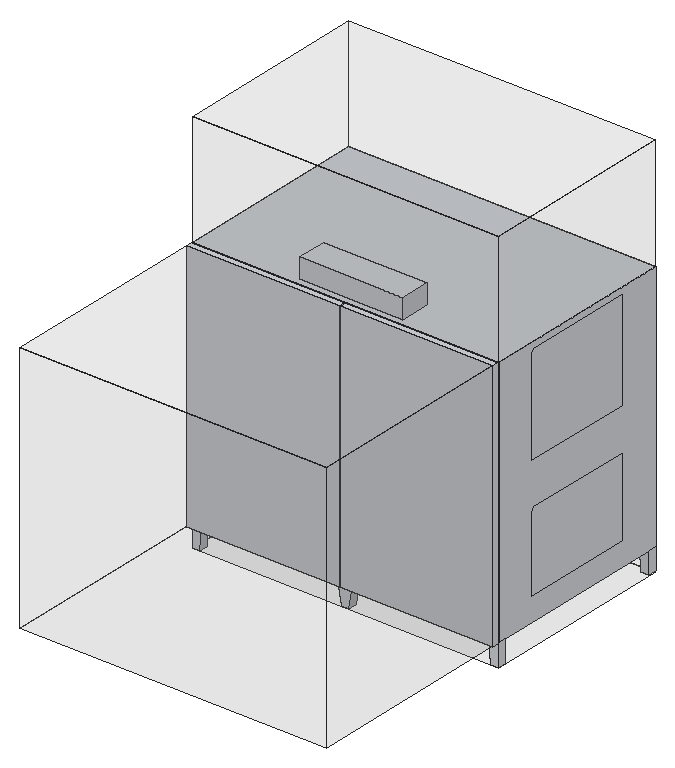
Revit family "AHU 3 _6", category Mechanické zařízení, Revit 2018
Family settings
  Kóta kulaté spojky = Použít průměr
  Typ dílu = Normální
  Číslo OmniClass = 23.75.00.00
  Nadpis OmniClass = Climate Control (HVAC)
  Založené na pracovní rovině = Ne
  Vždy vertikální = Ano
  Ořezat dutým tvarem při načtení = Ne
  Sdílené = Ne
  Bod výpočtu místnosti = Ne
Parameters (values of type "DUPLEXVENT Flexi (3G) DV6000 (RD5)")
  Width [instance] = 1.295 mm
  Weight [instance] = 530.00 kg
  URL = ""
  Type [instance] = "DUPLEXVENT Flexi (3G) DV6000 (RD5)"
  Total_SFP [instance] = 0
  Supply_outlet_hum [instance] = 25.2
  Supply_inlet_hum [instance] = 90
  Supply_ext_pressure [instance] = 200.0 Pa
  Supply_SFP [instance] = 0
  Source_adu_file [instance] = "C:\\\\Users\\\\dgavril\\\\OneDrive - Airflow Developments Ltd\\\\Desktop\\\\adu durley chine V4.adu"
  Recuperation_type [instance] = "Plate heat recovery exchanger"
  Recuperation_efficiency_EN308 [instance] = 82.5
  Project_name [instance] = "Durley Chine Passivhaus"
  Project_date [instance] = "13-08-2021"
  Power_supply_fusing [instance] = "0"
  Power_supply_cable [instance] = "0"
  Position [instance] = "AHU 3 "
  Phases_count [instance] = 3
  Panel_thickness [instance] = 0.06 mm
  Outer_surface [instance] = "RAL 9002"
  Length [instance] = 1.95 mm
  Insulation_type [instance] = "PUR"
  Insulation_thickness [instance] = 0.05 mm
  Installation_environment [instance] = ""
  Input_power_max [instance] = 6600 W
  Inner_surface [instance] = "Pozink"
  I2 [instance] = I1  # 0.0 L/s
  Height [instance] = 1.6 mm
  Exhaust_outlet_hum [instance] = 96.6
  Exhaust_inlet_hum [instance] = 40
  Exhaust_ext_pressure [instance] = 200.0 Pa
  Exhaust_SFP [instance] = 0
  E1 [instance] = E2 - M1  # 0.0 L/s
  E2 [instance] = 0.0 L/s
  I1 [instance] = 0.0 L/s
  Description = ""
  M1 [instance] = 0.0 L/s
  Device_dutypoint_version [instance] = "42"
  Device_design_version [instance] = "124"
  Device_adu_id [instance] = "6"
  Current_max [instance] = 10.8 A
  Casing_mat [instance] = "painted zinc layer"
  Cable type [instance] = "CYKY 5Jx2,5"
Reference planes
  plane 1 "Střed (vpředu/vzadu)": y = 0
  plane 2 "ref": z = 0
  plane 3 "Střed (vlevo/vpravo)": x = 0
Forms (mm)
  Sweep 1, solid
    path origin (0, 0, 0) x (0, 0, 1) y (1, 0, 0)
      loop
        line (0, 0) -> (1600, 0)
    profile origin (0, 0, 0) x (1, 0, 0) y (0, 1, 0)
      loop
        line (0, 0) -> (1950, 0) -> (1950, 1250) -> (0, 1250) -> (0, 0)
  Sweep 2, solid
    path origin (0, 0, 0) x (0, 0, 1) y (1, 0, 0)
      loop
        line (0, 0) -> (1600, 0)
    profile origin (0, 0, 0) x (1, 0, 0) y (0, 1, 0)
      loop
        line (0, 0) -> (0, -45) -> (1950, -45) -> (1950, 0) -> (0, 0)
  Sweep 3, solid
    path origin (1, 625, 400) x (0, 1, 0) y (-1, 0, 0)
      loop
        line (0, 0) -> (0, 1)
    profile origin (1, 625, 400) x (0, -1, 0) y (0, 0, 1)
      loop
        line (-355, -250) -> (355, -250) -> (355, 250) -> (-355, 250) -> (-355, -250)
  Sweep 4, solid
    path origin (1949, 625, 1240) x (1, 0, 0) y (0, 1, 0)
      loop
        line (0, 0) -> (1, 0)
    profile origin (1949, 625, 1240) x (0, 1, 0) y (0, 0, 1)
      loop
        line (-355, 315) -> (-355, -315) -> (355, -315) -> (355, 315) -> (-355, 315)
  Sweep 5, solid
    path origin (1949, 625, 400) x (1, 0, 0) y (0, 1, 0)
      loop
        line (0, 0) -> (1, 0)
    profile origin (1949, 625, 400) x (0, 1, 0) y (0, 0, 1)
      loop
        line (-355, 250) -> (-355, -250) -> (355, -250) -> (355, 250) -> (-355, 250)
  Sweep 6, solid
    path origin (1, 625, 1240) x (0, 1, 0) y (-1, 0, 0)
      loop
        line (0, 0) -> (0, 1)
    profile origin (1, 625, 1240) x (0, -1, 0) y (0, 0, 1)
      loop
        line (-355, -315) -> (355, -315) -> (355, 315) -> (-355, 315) -> (-355, -315)
  Sweep 7, solid
    path origin (750, 662, 0) x (0, -1, 0) y (0, 0, 1)
      loop
        line (0, 0) -> (0, -30)
    profile origin (750, 662, 0) x (-1, 0, 0) y (0, -1, 0)
      loop
        circle (0, 0) r 16
  Sweep 8, solid, material "Servisní prostor"
    path origin (0, 0, 0) x (0, 0, 1) y (1, 0, 0)
      loop
        line (0, 0) -> (1600, 0)
    profile origin (0, 0, 0) x (1, 0, 0) y (0, 1, 0)
      loop
        line (0, -1370) -> (1950, -1370) -> (1950, -45) -> (0, -45) -> (0, -1370)
  Sweep 9, solid, material "Servisní prostor"
    path origin (0, 0, 1600) x (0, 0, 1) y (1, 0, 0)
      loop
        line (0, 0) -> (720, 0)
    profile origin (0, 0, 1600) x (1, 0, 0) y (0, 1, 0)
      loop
        line (0, 0) -> (1950, 0) -> (1950, 1250) -> (0, 1250) -> (0, 0)
  Sweep 10, solid, material "Servisní prostor"
    path origin (0, 0, -150) x (0, 0, 1) y (1, 0, 0)
      loop
        line (0, 0) -> (150, 0)
    profile origin (0, 0, -150) x (1, 0, 0) y (0, 1, 0)
      loop
        line (0, 1250) -> (0, 0) -> (1950, 0) -> (1950, 1250) -> (0, 1250)
  Sweep 11, solid
    path origin (0, 0, 0) x (0, 0, 1) y (1, 0, 0)
      loop
        line (0, 0) -> (1600, 0)
    profile origin (0, 0, 0) x (1, 0, 0) y (0, 1, 0)
      loop
        line (0, -45) -> (975, -45) -> (975, -5) -> (0, -5) -> (0, -45)
  Sweep 12, solid
    path origin (0, 0, 0) x (0, 0, 1) y (1, 0, 0)
      loop
        line (0, 0) -> (1600, 0)
    profile origin (0, 0, 0) x (1, 0, 0) y (0, 1, 0)
      loop
        line (975, -45) -> (1950, -45) -> (1950, -5) -> (975, -5) -> (975, -45)
  Sweep 13, solid
    path origin (25, 50, 0) x (1, 0, 0) y (0, 1, 0)
      loop
        line (0, 0) -> (0, -50)
    profile origin (25, 50, 0) x (1, 0, 0) y (0, 0, 1)
      loop
        line (-25, 0) -> (-25, -140) -> (25, -140) -> (35, 0) -> (-25, 0)
  Sweep 14, solid
    path origin (1925, 50, 0) x (1, 0, 0) y (0, 1, 0)
      loop
        line (0, 0) -> (0, -50)
    profile origin (1925, 50, 0) x (1, 0, 0) y (0, 0, 1)
      loop
        line (-35, 0) -> (-25, -140) -> (25, -140) -> (25, 0) -> (-35, 0)
  Sweep 15, solid
    path origin (25, 1250, 0) x (1, 0, 0) y (0, 1, 0)
      loop
        line (0, 0) -> (0, -50)
    profile origin (25, 1250, 0) x (1, 0, 0) y (0, 0, 1)
      loop
        line (-25, 0) -> (-25, -140) -> (25, -140) -> (35, 0) -> (-25, 0)
  Sweep 16, solid
    path origin (1925, 1250, 0) x (1, 0, 0) y (0, 1, 0)
      loop
        line (0, 0) -> (0, -50)
    profile origin (1925, 1250, 0) x (1, 0, 0) y (0, 0, 1)
      loop
        line (-35, 0) -> (-25, -140) -> (25, -140) -> (25, 0) -> (-35, 0)
  Sweep 17, solid
    path origin (975, 50, 0) x (1, 0, 0) y (0, 1, 0)
      loop
        line (0, 0) -> (0, -50)
    profile origin (975, 50, 0) x (1, 0, 0) y (0, 0, 1)
      loop
        line (-45, 0) -> (-25, -140) -> (25, -140) -> (45, 0) -> (-45, 0)
  Sweep 18, solid
    path origin (975, 1250, 0) x (1, 0, 0) y (0, 1, 0)
      loop
        line (0, 0) -> (0, -50)
    profile origin (975, 1250, 0) x (1, 0, 0) y (0, 0, 1)
      loop
        line (-45, 0) -> (-25, -140) -> (25, -140) -> (45, 0) -> (-45, 0)
  Sweep 19, solid
    path origin (0, 0, 1600) x (0, 0, 1) y (1, 0, 0)
      loop
        line (0, 0) -> (125, 0)
    profile origin (0, 0, 1600) x (1, 0, 0) y (0, 1, 0)
      loop
        line (650, 45) -> (1305, 45) -> (1305, 235) -> (650, 235) -> (650, 45)
  Sweep 20, solid
    path origin (650, 140, 1663) x (0, 0, -1) y (1, 0, 0)
      loop
        line (0, 0) -> (0, -1)
    profile origin (650, 140, 1663) x (0, 0, -1) y (0, -1, 0)
      loop
        circle (0, 0) r 10
Lines and regions (mm)
  model lines, style "Symbol"
    curve 1: line (1000, -45, 0) -> (1000, -45, 320)
    curve 2: line (1000, -45, 1600) -> (1000, -45, 1280)
    curve 3: line (0, -45, 800) -> (520, -45, 800)
    curve 4: line (1950, -45, 800) -> (1480, -45, 800)
    curve 5: line (520, -45, 800) -> (760, -45, 1280)
    curve 6: line (760, -45, 1280) -> (1240, -45, 1280)
    curve 7: line (1240, -45, 1280) -> (1480, -45, 800)
    curve 8: line (1480, -45, 800) -> (1240, -45, 320)
    curve 9: line (1240, -45, 320) -> (1000, -45, 320)
    curve 10: line (1000, -45, 320) -> (760, -45, 320)
    curve 11: line (760, -45, 320) -> (520, -45, 800)
    curve 12: line (1598, -45, 1314) -> (1854, -45, 1270)
    curve 13: line (1598, -45, 1086) -> (1854, -45, 1130)
    curve 14: line (352, -45, 1086) -> (96, -45, 1130)
    curve 15: line (352, -45, 1314) -> (96, -45, 1270)
    curve 16: line (175, -45, 160) -> (175, -45, 640)
    curve 17: line (175, -45, 640) -> (292, -45, 640)
    curve 18: line (292, -45, 640) -> (292, -45, 160)
    curve 19: line (292, -45, 160) -> (175, -45, 160)
    curve 20: line (234, -45, 160) -> (292, -45, 400)
    curve 21: line (234, -45, 640) -> (292, -45, 400)
    curve 22: line (1774, -45, 640) -> (1774, -45, 160)
    curve 23: line (1774, -45, 160) -> (1657, -45, 160)
    curve 24: line (1657, -45, 160) -> (1657, -45, 640)
    curve 25: line (1657, -45, 640) -> (1774, -45, 640)
    curve 26: line (1716, -45, 640) -> (1657, -45, 400)
    curve 27: line (1716, -45, 160) -> (1657, -45, 400)
    curve 28: line (673, -45, 280) -> (455, -45, 708)
    curve 29: line (455, -45, 708) -> (527, -45, 744)
    curve 30: line (527, -45, 744) -> (745, -45, 316)
    curve 31: line (745, -45, 316) -> (673, -45, 280)
    curve 32: line (542, -45, 554) -> (570, -45, 641)
    curve 33: line (630, -45, 383) -> (658, -45, 470)
    curve 34: line (0, -45, 0) -> (975, -45, 0)
    curve 35: line (0, -45, 1600) -> (975, -45, 1600)
    curve 36: line (0, -45, 0) -> (0, -45, 1600)
    curve 37: line (975, -45, 0) -> (975, -45, 1600)
    curve 38: line (0, -45, 0) -> (0, -5, 0)
    curve 39: line (975, -45, 0) -> (975, -5, 0)
    curve 40: line (0, -45, 1600) -> (0, -5, 1600)
    curve 41: line (975, -45, 1600) -> (975, -5, 1600)
    curve 42: line (975, -45, 0) -> (1950, -45, 0)
    curve 43: line (975, -45, 1600) -> (1950, -45, 1600)
    curve 44: line (975, -45, 0) -> (975, -45, 1600)
    curve 45: line (1950, -45, 0) -> (1950, -45, 1600)
    curve 46: line (975, -45, 0) -> (975, -5, 0)
    curve 47: line (1950, -45, 0) -> (1950, -5, 0)
    curve 48: line (975, -45, 1600) -> (975, -5, 1600)
    curve 49: line (1950, -45, 1600) -> (1950, -5, 1600)
    curve 50: circle (1710, -45, 1200) r 160 normal (0, -1, 0)
    curve 51: circle (240, -45, 1200) r 160 normal (0, -1, 0)
    curve 52: circle (556, -45, 598) r 12 normal (0, -1, 0)
    curve 53: circle (644, -45, 426) r 12 normal (0, -1, 0)
Dimensions and locks
  aligned and locked: level to plane 2 "ref"
Connectors
  hvac at (0, 625, 400), driven by "E1"
    settings: on Sweep 3, index 1, duct flow 0.0 L/s, flow factor 0, pres drop 0.0 Pa, loss coef 0, conn angle 0.00°, conn width 710 mm, conn height 500 mm, conn diameter 609.6 mm, duct sys type 1, conn prof type 1, flow config 1, flow direction 1, loss method 0, conn ref index -1, conn util no, is conn primary yes, conn desc ""
  hvac at (1950, 625, 1240), driven by "E2"
    settings: on Sweep 4, index 2, duct flow 0.0 L/s, flow factor 1, pres drop 0.0 Pa, loss coef 0, conn angle 0.00°, conn width 710 mm, conn height 630 mm, conn diameter 609.6 mm, duct sys type 1, conn prof type 1, flow config 2, flow direction 2, loss method 0, conn ref index -1, conn util no, is conn primary no, conn desc ""
  hvac at (1950, 625, 400), driven by "I1"
    settings: on Sweep 5, index 3, duct flow 0.0 L/s, flow factor 1, pres drop 0.0 Pa, loss coef 0, conn angle 0.00°, conn width 710 mm, conn height 500 mm, conn diameter 609.6 mm, duct sys type 3, conn prof type 1, flow config 2, flow direction 1, loss method 0, conn ref index -1, conn util no, is conn primary no, conn desc ""
  hvac at (0, 625, 1240), driven by "I2"
    settings: on Sweep 6, index 4, duct flow 0.0 L/s, flow factor 0, pres drop 0.0 Pa, loss coef 0, conn angle 0.00°, conn width 710 mm, conn height 630 mm, conn diameter 609.6 mm, duct sys type 3, conn prof type 1, flow config 1, flow direction 2, loss method 0, conn ref index -1, conn util no, is conn primary no, conn desc ""
  piping at (750, 662, -30), diameter 22
    settings: on Sweep 7, index 5, connector inside diameter 609.6 mm, connector length 0 mm, flow factor 0, pipe flow 0.0 L/s, pressure drop 0.0 Pa, fitting loss kfactor 0, connector angle 0.00°, fixture units 0, engagement length 0 mm, angle of deflection 0.00°, flow configuration 1, flow direction 2, fitting loss method 0, system type 16, joint type 0, gender type 0, connector reference index -1, connector utility 0, adjustable connector no, is connector primary yes, connector description ""
  electrical at (649, 140, 1663)
    settings: on Sweep 20, index 6, voltage 400 V, apparent load 0 VA, apparent load phase1 0 VA, apparent load phase2 0 VA, apparent load phase3 0 VA, power factor 1, load classification "Další", number of poles 3, system type 31, power factor state 1, is connector primary yes, connector utility no, sub classification motor no, connector description ""
